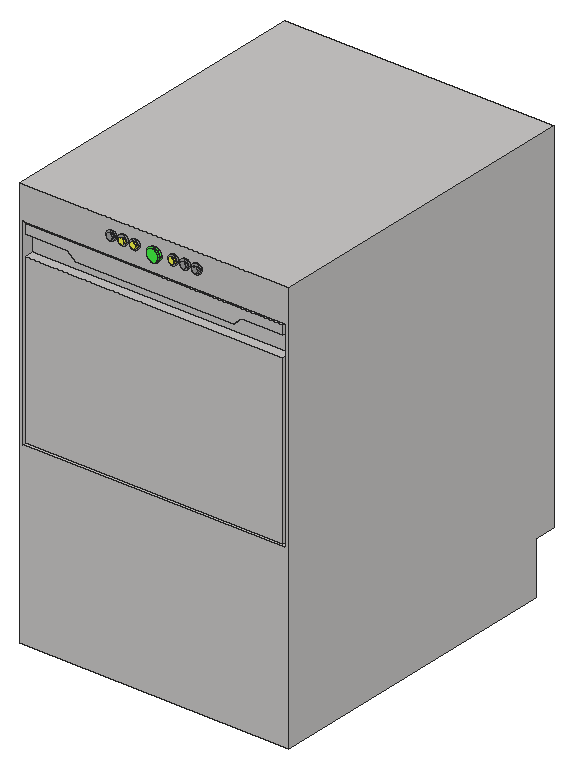
Revit family "QF_ELECTROLUXPROFESSIONAL_402226_ESDICWGBU", category Specialty Equipment, Revit 2018
Family settings
  Round Connector Dimension = Use Diameter
  Part Type = Normal
  Work Plane-Based = No
  Always vertical = Yes
  Cut with Voids When Loaded = No
  Shared = No
  Room Calculation Point = No
Parameters
  Weight = 37.00 kg
  Watts = 0 W
  Volts = 0 V
  URL Manufacturer = ""
  URL = "http://professional.electrolux.com/"
  Steam Supply Size = 0 mm
  Steam Supply Minimum Pressure = 0.0 Pa
  Steam Supply Maximum Pressure = 0.0 Pa
  Steam Pounds per Hour = 0
  Show Logo [instance] = yes
  Show Clearance [instance] = yes
  Refrigeration Suction Line Size = 0 mm
  Refrigeration Liquid Line Size = 0 mm
  Refrigerant Compressor Remote = yes
  Manufacturer = ""
  Phase = 0
  Model = ""
  Length Actual = 460 mm  # constant formula
  Item Number = ""
  Hot Water Size = 0 mm
  Height Actual = 715 mm  # constant formula
  HP = "3.1 HP"
  Gas Size = 0 mm
  Gas KW = 0
  Gas Input Pressure = 0 W
  Direct Waste Size = 27 mm
  Description = ""
  Depth Actual = 565 mm  # constant formula
  Cycle = 0 Hz
  Condensate Return Size = 0 mm
  Compressed Air Volume = 0.0 L/s
  Compressed Air Size = 0 mm
  Compressed Air Pressure = 0.0 Pa
  Cold Water Size = 0 mm
  Accessory = yes
Types (2, lengths in mm): name | Volts | URL Manufacturer | URL | Manufacturer | Phase | Model | Item Number | Description | Cycle | Cold Water Size
  (no name) | 0 V | "" | "http://professional.electrolux.com/" | "" | 0 | "" | "" | "" | 0 Hz | 0
  Standard | 220 V | "http://professional.electrolux.com" | "http://professional.electrolux.com" | "Electrolux Professional" | 1 | "ESDICWGBU" | "402226" | "GLASSWASHER(S) INS. DOUBLE SKIN, COLD RINSE, WS, DP, DD, RBP, 30B/H-UK" | 50 Hz | 19.05
Reference planes
  plane 1 "Center (Front/Back)": y = 0
  plane 2: z = 0
  plane 3 "Center (Left/Right)": x = 0
  plane 4 "LEFT": x = -230
  plane 5 "RIGHT": x = 230
  plane 6 "FRONT": y = -282.5
  plane 7 "BACK": y = 282.5
  plane 8: x = -202.5
  plane 9: x = 202.5
  plane 10: z = 715
  plane 11: z = 10
Forms (mm)
  Extrusion 1, solid, material "QF_Finishes_Stainless Steel"
    sketch origin (0, 0, 0) x (1, 0, 0) y (0, 1, 0)
      loop
        line (-230, -282.5) -> (230, -282.5) -> (230, 243.5) -> (-230, 243.5) -> (-230, -282.5)
    from 10 to 715
  Extrusion 2, solid, material "QF_Finishes_Stainless Steel"
    sketch origin (0, 0, 0) x (1, 0, 0) y (0, 1, 0)
      loop
        line (-230, 243.5) -> (230, 243.5) -> (230, 282.5) -> (-230, 282.5) -> (-230, 243.5)
    from 100 to 715
  Extrusion 3, solid, material "QF_Finishes_Stainless Steel"
    sketch origin (0, 0, 0) x (1, 0, 0) y (0, 1, 0)
      loop
        circle (-202.5, 184.5) r 12.5
      loop
        circle (202.5, 184.5) r 12.5
      loop
        circle (-202.5, -235.5) r 12.5
      loop
        circle (202.5, -235.5) r 12.5
    from 0 to 10
  Extrusion 4, void
    sketch origin (-230, -282.5, 0) x (-1, 0, 0) y (0, 0, 1)
      loop
        line (-5, 658.217) -> (-455, 658.217) -> (-455, 315) -> (-5, 315) -> (-5, 658.217)
    from 0 to 30
  Extrusion 5, solid, material "QF_Finishes_Stainless Steel"
    sketch origin (-53, -392, 738) x (0, 0, -1) y (1, 0, 0)
      loop
        circle (693, 213) r 10
    from -635.5 to -674.5
  Extrusion 6, solid, material "QF_Door-Drawer Clearances", visible <- "Show Clearance", detail levels coarse
    sketch origin (-230, -282.5, 0) x (0, 1, 0) y (0, 0, -1)
      loop
        line (0, -315) -> (-315, -315)
        arc (-315, -315) -> (-223.2, -545.869) -> (0, -655) r 344.605
        line (0, -655) -> (0, -315)
    from -10 to -450
  Extrusion 7, solid, material "QF_Finishes_Stainless Steel"
    sketch origin (-242.481, -392, 738) x (0, 0, -1) y (1, 0, 0)
      loop
        circle (663, 322.481) r 8
    from -635.5 to -674.5
  Extrusion 8, solid, material "QF_Finishes_Green"
    sketch origin (234, -282.5, -28.75) x (-1, 0, 0) y (0, 0, -1)
      loop
        circle (234, -714.569) r 10
    from 0 to 5
  Extrusion 9, solid, material "QF_Finishes_Gray"
    sketch origin (234, -282.5, -24.375) x (-1, 0, 0) y (0, 0, -1)
      loop
        circle (306.936, -713.972) r 5
    from 0 to 5
  Extrusion 10, solid, material "QF_Finishes_Stainless Steel"
    sketch origin (-230, -282.5, 0) x (0, 1, 0) y (0, 0, -1)
      loop
        line (0, -319.622) -> (0, -605) -> (15, -605) -> (15, -655) -> (25, -655) -> (25, -319.622) -> (0, -319.622)
    from -10 to -450
  Extrusion 11, solid, material "QF_Finishes_Stainless Steel"
    sketch origin (-230, -282.5, 0) x (0, 1, 0) y (0, 0, -1)
      loop
        line (15, -655) -> (15, -652.514) -> (2.5, -652.514) -> (2.5, -626.25) -> (0, -626.25) -> (0, -655) -> (15, -655)
    from -10 to -450
  Extrusion 12, void
    sketch origin (-230, -282.5, 655) x (0, 0, 1) y (1, 0, 0)
      loop
        line (-15.552, 10) -> (-15.552, 81.607) -> (-28.75, 94.804) -> (-28.75, 10) -> (-15.552, 10)
      loop
        line (-15.552, 450) -> (-28.75, 450) -> (-28.75, 365.196) -> (-15.552, 378.393) -> (-15.552, 450)
    from 0 to 2.5
  Extrusion 13, solid, material "QF_Finishes_Stainless Steel"
    sketch origin (-328, -392, 738) x (0, 0, -1) y (1, 0, 0)
      loop
        circle (663, 228) r 8
    from -635.5 to -674.5
  Extrusion 14, solid, material "QF_Finishes_Green"
    sketch origin (-230, -282.5, 0) x (1, 0, 0) y (0, 0, 1)
      loop
        circle (230, 685.819) r 12
      loop
        circle (230, 685.819) r 10
    from 0 to 2.5
  Extrusion 15, solid, material "QF_Finishes_Gray"
    sketch origin (-210, -282.5, -28.75) x (1, 0, 0) y (0, 0, 1)
      loop
        circle (262.936, 718.347) r 8
      loop
        circle (262.936, 718.347) r 5
      loop
        circle (242.936, 718.347) r 8
      loop
        circle (242.936, 718.347) r 5
      loop
        circle (282.936, 718.347) r 8
      loop
        circle (282.936, 718.347) r 5
    from 0 to 2.5
  Extrusion 16, solid, material "QF_Finishes_Gray"
    sketch origin (-234, -282.5, -24.375) x (1, 0, 0) y (0, 0, 1)
      loop
        circle (286.936, 713.972) r 5
      loop
        circle (306.936, 713.972) r 5
    from 0 to 5
  Extrusion 17, solid, material "QF_Finishes_Gray"
    sketch origin (210, -282.5, -28.75) x (-1, 0, 0) y (0, 0, -1)
      loop
        circle (262.936, -718.347) r 8
      loop
        circle (262.936, -718.347) r 5
      loop
        circle (242.936, -718.347) r 8
      loop
        circle (242.936, -718.347) r 5
      loop
        circle (282.936, -718.347) r 8
      loop
        circle (282.936, -718.347) r 5
    from 0 to 2.5
  Extrusion 18, solid, material "QF_Finishes_Yellow"
    sketch origin (254, -282.5, -24.375) x (-1, 0, 0) y (0, 0, -1)
      loop
        circle (306.936, -713.972) r 5
    from 0 to 5
  Extrusion 19, solid, material "QF_Finishes_Yellow"
    sketch origin (274, -282.5, -24.375) x (-1, 0, 0) y (0, 0, -1)
      loop
        circle (306.936, -713.972) r 5
    from 0 to 5
  Extrusion 20, solid, material "QF_Finishes_Yellow"
    sketch origin (339.871, -282.5, -24.375) x (-1, 0, 0) y (0, 0, -1)
      loop
        circle (306.936, -713.972) r 5
    from 0 to 5
Cuts and joins
  Extrusion 4 cuts Extrusion 1
  joined: Extrusion 1, Extrusion 2
  Extrusion 12 cuts Extrusion 10
  Extrusion 12 cuts Extrusion 11
Lines and regions (mm)
  Split face 1
    outline origin (-230, -282.5, 715) x (0, 0, -1) y (1, 0, 0)
      loop
        line (35, 0) -> (35, 60) -> (49.142, 74.142) -> (49.142, 214.142) -> (11.456, 214.142)
        arc (11.456, 214.142) -> (9.82, 214.82) -> (9.142, 216.456) r 2.314
        line (9.142, 216.456) -> (9.142, 230) -> (9.142, 243.544)
        arc (9.142, 243.544) -> (9.82, 245.18) -> (11.456, 245.858) r 2.314
        line (11.456, 245.858) -> (49.142, 245.858) -> (49.142, 385.858) -> (35, 400) -> (35, 460)
      loop
        line (56.783, 5) -> (56.783, 0)
      loop
        line (56.783, 455) -> (56.783, 460)
  symbolic lines
    curve 1: line (-230, 282.5, 0) -> (230, 282.5, 0)
    curve 2: line (-230, -282.5, 0) -> (-230, 282.5, 0)
    curve 3: line (230, -282.5, 0) -> (-230, -282.5, 0)
    curve 4: line (230, 282.5, 0) -> (230, -282.5, 0)
    curve 9: line (-80.94, -285, 0) -> (-80.94, -282.5, 0)
    curve 10: line (-64.948, -285, 0) -> (-64.948, -282.5, 0)
    curve 11: line (-77.926, -287.5, 0) -> (-67.936, -287.5, 0)
    curve 12: line (-67.936, -287.5, 0) -> (-67.936, -285, 0)
    curve 13: line (-77.926, -287.5, 0) -> (-77.926, -285, 0)
    curve 14: line (-60.936, -285, 0) -> (-44.936, -285, 0)
    curve 15: line (-44.936, -285, 0) -> (-44.936, -282.5, 0)
    curve 16: line (-60.936, -285, 0) -> (-60.936, -282.5, 0)
    curve 17: line (-57.936, -287.5, 0) -> (-47.936, -287.5, 0)
    curve 18: line (-47.936, -287.5, 0) -> (-47.936, -285, 0)
    curve 19: line (-57.936, -287.5, 0) -> (-57.936, -285, 0)
    curve 20: line (-40.936, -285, 0) -> (-24.936, -285, 0)
    curve 21: line (-24.936, -285, 0) -> (-24.936, -282.5, 0)
    curve 22: line (-40.936, -285, 0) -> (-40.936, -282.5, 0)
    curve 23: line (-37.936, -287.5, 0) -> (-27.936, -287.5, 0)
    curve 24: line (-27.936, -287.5, 0) -> (-27.936, -285, 0)
    curve 25: line (-37.936, -287.5, 0) -> (-37.936, -285, 0)
    curve 26: line (24.936, -285, 0) -> (40.936, -285, 0)
    curve 27: line (40.936, -285, 0) -> (40.936, -282.5, 0)
    curve 28: line (27.936, -287.5, 0) -> (37.936, -287.5, 0)
    curve 29: line (37.936, -287.5, 0) -> (37.936, -285, 0)
    curve 30: line (27.936, -287.5, 0) -> (27.936, -285, 0)
    curve 31: line (24.936, -285, 0) -> (24.936, -282.5, 0)
    curve 32: line (-12, -285, 0) -> (12, -285, 0)
    curve 33: line (12, -285, 0) -> (12, -282.5, 0)
    curve 34: line (-12, -285, 0) -> (-12, -282.5, 0)
    curve 35: line (-10, -287.5, 0) -> (10, -287.5, 0)
    curve 36: line (10, -287.5, 0) -> (10, -285, 0)
    curve 37: line (-10, -287.5, 0) -> (-10, -285, 0)
    curve 39: line (44.936, -285, 0) -> (60.936, -285, 0)
    curve 40: line (60.936, -285, 0) -> (60.936, -282.5, 0)
    curve 41: line (47.936, -287.5, 0) -> (57.936, -287.5, 0)
    curve 42: line (57.936, -287.5, 0) -> (57.936, -285, 0)
    curve 43: line (47.936, -287.5, 0) -> (47.936, -285, 0)
    curve 44: line (44.936, -285, 0) -> (44.936, -282.5, 0)
    curve 45: line (64.936, -285, 0) -> (80.936, -285, 0)
    curve 46: line (80.936, -285, 0) -> (80.936, -282.5, 0)
    curve 47: line (67.936, -287.5, 0) -> (77.936, -287.5, 0)
    curve 48: line (77.936, -287.5, 0) -> (77.936, -285, 0)
    curve 49: line (67.936, -287.5, 0) -> (67.936, -285, 0)
    curve 50: line (64.936, -285, 0) -> (64.936, -282.5, 0)
  symbolic lines, style "QF_Door-Drawer Clearances"
    curve 5: line (-220, -597.5, 0) -> (220, -597.5, 0)
    curve 6: line (220, -597.5, 0) -> (220, -282.5, 0)
    curve 7: line (-220, -597.5, 0) -> (-220, -282.5, 0)
  symbolic lines, style "SpecialityEquipment"
    curve 8: line (-80.94, -285, 0) -> (-64.948, -285, 0)
  symbolic lines, style "SpecialityEquipmentHiddenLines"
    curve 38: line (-230, 243.5, 0) -> (230, 243.5, 0)
Dimensions and locks
  equal spacing: plane 4 "LEFT", plane 3 "Center (Left/Right)", plane 5 "RIGHT"
  equal spacing: plane 7 "BACK", plane 1 "Center (Front/Back)", plane 6 "FRONT"
  plane 7 "BACK" to plane 6 "FRONT" = 565 mm
  plane 4 "LEFT" to plane 5 "RIGHT" = 460 mm
  plane 4 "LEFT" to plane 8 = 27.5 mm
  plane 9 to plane 5 "RIGHT" = 27.5 mm
  locked: plane 11 to level at 10
  plane 4 "LEFT" to plane 3 "Center (Left/Right)" = 230 mm
  plane 10 to level = 715 mm  (x2)
  plane 8 to plane 9 = 405 mm
  level to Extrusion 13 sketch curve = 75 mm
  Extrusion 13 sketch curve to plane 4 "LEFT" = 130 mm
  level to Extrusion 5 sketch curve = 45 mm
  Extrusion 5 sketch curve to plane 4 "LEFT" = 390 mm
  Extrusion 7 sketch curve to plane 4 "LEFT" = 310 mm
  level to Extrusion 7 sketch curve = 75 mm
  locked: Extrusion 3 to cut or joined group of Extrusion 1, Extrusion 2, Extrusion 4 at 98
  Extrusion 3 to Extrusion 3 = 420 mm
  locked: plane 6 "FRONT" to Extrusion 3 at 47
  plane 9 to plane 8 = 405 mm
  plane 7 "BACK" to curve 5 = 880 mm
  cut or joined group of Extrusion 10, Extrusion 12 to cut or joined group of Extrusion 1, Extrusion 2, Extrusion 4 = 290 mm
  aligned and locked: level to plane 2
  aligned and locked: Extrusion 1 sketch curve to plane 6 "FRONT"
  aligned and locked: Extrusion 1 sketch curve to plane 4 "LEFT"
  aligned and locked: plane 5 "RIGHT" to Extrusion 1 sketch curve
  aligned and locked: Extrusion 1 to plane 11
  aligned and locked: Extrusion 2 sketch curve to Extrusion 1  (x2)
  aligned and locked: plane 7 "BACK" to Extrusion 2 sketch curve
  aligned and locked: plane 5 "RIGHT" to Extrusion 2 sketch curve
  aligned and locked: plane 11 to Extrusion 3
  aligned and locked: Extrusion 2 to Extrusion 5
  aligned and locked: Extrusion 2 to Extrusion 7
  aligned and locked: plane 7 "BACK" to Extrusion 7
  aligned and locked: plane 7 "BACK" to Extrusion 5
  aligned and locked: cut or joined group of Extrusion 11, Extrusion 12 to Extrusion 12
  aligned and locked: plane 10 to Extrusion 2
Automatic sketch dimensions
  curve 1 to plane 4 "LEFT" = 0 mm
  curve 7 to plane 6 "FRONT" = 0 mm
  curve 4 to plane 5 "RIGHT" = 0 mm
  curve 2 to plane 7 "BACK" = 0 mm
  plane 4 "LEFT" to curve 5 = 10 mm
  curve 8 to plane 6 "FRONT" = 2.5 mm
  curve 8 to plane 3 "Center (Left/Right)" = 80.94 mm
  curve 8 to curve 11 = 3.013 mm
  curve 11 to curve 11 = 9.991 mm
  curve 12 to curve 10 = 2.987 mm
  curve 8 to curve 16 = 4.013 mm
  curve 14 to curve 19 = 3 mm
  curve 17 to plane 6 "FRONT" = 5 mm
  curve 17 to curve 17 = 10 mm
  curve 18 to curve 14 = 3 mm
  curve 14 to curve 20 = 4 mm
  curve 20 to curve 25 = 3 mm
  curve 24 to plane 6 "FRONT" = 5 mm
  curve 23 to curve 24 = 10 mm
  curve 24 to curve 21 = 3 mm
  curve 34 to plane 6 "FRONT" = 2.5 mm
  curve 34 to plane 3 "Center (Left/Right)" = 12 mm
  curve 32 to curve 37 = 2 mm
  plane 3 "Center (Left/Right)" to curve 36 = 10 mm
  curve 36 to curve 33 = 2 mm
  curve 26 to plane 6 "FRONT" = 2.5 mm
  curve 32 to curve 26 = 12.936 mm
  curve 26 to curve 30 = 3 mm
  curve 28 to plane 6 "FRONT" = 5 mm
  curve 28 to curve 28 = 10 mm
  curve 29 to curve 27 = 3 mm
  curve 26 to curve 44 = 4 mm
  curve 39 to curve 43 = 3 mm
  curve 41 to plane 6 "FRONT" = 5 mm
  curve 41 to curve 41 = 10 mm
  curve 42 to curve 39 = 3 mm
  curve 39 to curve 50 = 4 mm
  curve 45 to curve 47 = 3 mm
  curve 47 to plane 6 "FRONT" = 5 mm
  curve 47 to curve 47 = 10 mm
  curve 48 to curve 45 = 3 mm
  curve 6 to plane 5 "RIGHT" = 10 mm
  curve 35 to curve 36 = 2.5 mm
  curve 11 to curve 13 = 2.5 mm
  curve 15 to plane 6 "FRONT" = 2.5 mm
  curve 20 to plane 6 "FRONT" = 2.5 mm
  curve 40 to plane 6 "FRONT" = 2.5 mm
  curve 45 to plane 6 "FRONT" = 2.5 mm
  curve 38 to plane 7 "BACK" = 39 mm
  Extrusion 1 sketch curve to plane 7 "BACK" = 39 mm
  Extrusion 3 sketch curve to plane 8 = 0 mm  (x2)
  Extrusion 3 sketch curve to plane 9 = 0 mm  (x2)
  plane 6 "FRONT" to Extrusion 3 sketch curve = 47 mm  (x2)
  Extrusion 3 sketch curve to plane 7 "BACK" = 98 mm  (x2)
  Extrusion 4 sketch curve to Extrusion 1 = 5 mm  (x2)
  Extrusion 4 sketch curve to Extrusion 1 = 305 mm
  Extrusion 4 sketch curve to Extrusion 1 = 56.783 mm
  Extrusion 6 sketch curve to plane 6 "FRONT" = 0 mm
  Extrusion 6 sketch curve to plane 6 "FRONT" = 315 mm
  plane 6 "FRONT" to Extrusion 6 sketch curve = 29.589 mm
  Extrusion 6 sketch curve to plane 10 = 60 mm
  plane 11 to Extrusion 6 sketch curve = 305 mm
  Extrusion 8 sketch curve to Extrusion 8 sketch curve = 0 mm  (x2)
  Extrusion 8 sketch curve to plane 3 "Center (Left/Right)" = 0 mm
  Extrusion 8 sketch curve to plane 10 = 29.181 mm
  plane 3 "Center (Left/Right)" to Extrusion 8 sketch curve = 10 mm
  Extrusion 9 sketch curve to Extrusion 9 sketch curve = 0 mm  (x2)
  Extrusion 9 sketch curve to plane 10 = 25.403 mm
  Extrusion 9 sketch curve to plane 3 "Center (Left/Right)" = 72.936 mm
  Extrusion 9 sketch curve to Extrusion 9 sketch curve = 5 mm
  Extrusion 10 sketch curve to plane 6 "FRONT" = 0 mm
  plane 6 "FRONT" to Extrusion 10 sketch curve = 15 mm
  Extrusion 10 sketch curve to Extrusion 10 sketch curve = 25 mm
  Extrusion 10 sketch curve to plane 10 = 60 mm
  Extrusion 10 sketch curve to Extrusion 10 sketch curve = 50 mm
  Extrusion 10 sketch curve to Extrusion 10 sketch curve = 285.378 mm
  Extrusion 11 sketch curve to plane 6 "FRONT" = 0 mm
  Extrusion 11 sketch curve to Extrusion 11 sketch curve = 2.5 mm
  Extrusion 11 sketch curve to Extrusion 11 sketch curve = 12.5 mm
  Extrusion 11 sketch curve to plane 10 = 60 mm
  Extrusion 11 sketch curve to Extrusion 11 sketch curve = 2.486 mm
  Extrusion 11 sketch curve to Extrusion 11 sketch curve = 26.264 mm
  Extrusion 12 sketch curve to Extrusion 11 = 0 mm  (x3)
  Extrusion 11 to Extrusion 12 sketch curve = 0 mm
  Extrusion 12 sketch curve to Extrusion 11 = 13.198 mm  (x2)
  Extrusion 12 sketch curve to Extrusion 11 = 71.607 mm
  Extrusion 12 sketch curve to Extrusion 12 sketch curve = 13.198 mm  (x2)
  Extrusion 12 sketch curve to Extrusion 11 = 84.804 mm
  Extrusion 14 sketch curve to Extrusion 14 sketch curve = 0 mm  (x2)
  Extrusion 1 to Extrusion 14 sketch curve = 29.181 mm
  Extrusion 1 to Extrusion 14 sketch curve = 230 mm
  Extrusion 15 sketch curve to Extrusion 15 sketch curve = 0 mm  (x8)
  plane 3 "Center (Left/Right)" to Extrusion 15 sketch curve = 32.936 mm
  Extrusion 15 sketch curve to Extrusion 15 sketch curve = 20 mm  (x2)
  Extrusion 15 sketch curve to plane 10 = 25.403 mm
  Extrusion 16 sketch curve to Extrusion 16 sketch curve = 0 mm  (x5)
  Extrusion 16 sketch curve to plane 10 = 25.403 mm
  plane 3 "Center (Left/Right)" to Extrusion 16 sketch curve = 52.936 mm
  Extrusion 16 sketch curve to Extrusion 16 sketch curve = 20 mm
  Extrusion 16 sketch curve to Extrusion 16 sketch curve = 5 mm  (x2)
  Split face 1 sketch curve to cut or joined group of Extrusion 1, Extrusion 2, Extrusion 4 = 0 mm  (x6)
  cut or joined group of Extrusion 1, Extrusion 2, Extrusion 4 to Split face 1 sketch curve = 0 mm  (x2)
  cut or joined group of Extrusion 1, Extrusion 2, Extrusion 4 to Split face 1 sketch curve = 7.641 mm  (x2)
  Split face 1 sketch curve to Split face 1 sketch curve = 14.142 mm  (x4)
  Split face 1 sketch curve to cut or joined group of Extrusion 1, Extrusion 2, Extrusion 4 = 11.456 mm  (x2)
  Split face 1 sketch curve to cut or joined group of Extrusion 1, Extrusion 2, Extrusion 4 = 9.142 mm
  Split face 1 sketch curve to cut or joined group of Extrusion 1, Extrusion 2, Extrusion 4 = 55 mm
  Split face 1 sketch curve to Split face 1 sketch curve = 140 mm
  Split face 1 sketch curve to Split face 1 sketch curve = 13.544 mm  (x2)
  Split face 1 sketch curve to cut or joined group of Extrusion 1, Extrusion 2, Extrusion 4 = 69.142 mm
  Extrusion 17 sketch curve to Extrusion 17 sketch curve = 0 mm  (x8)
  Extrusion 17 sketch curve to plane 3 "Center (Left/Right)" = 32.936 mm
  Extrusion 17 sketch curve to Extrusion 17 sketch curve = 20 mm  (x2)
  Extrusion 17 sketch curve to plane 10 = 25.403 mm
  Extrusion 18 sketch curve to Extrusion 18 sketch curve = 0 mm  (x2)
  Extrusion 18 sketch curve to plane 10 = 25.403 mm
  Extrusion 18 sketch curve to plane 3 "Center (Left/Right)" = 52.936 mm
  Extrusion 18 sketch curve to Extrusion 18 sketch curve = 5 mm
  Extrusion 19 sketch curve to Extrusion 19 sketch curve = 0 mm  (x2)
  Extrusion 19 sketch curve to plane 3 "Center (Left/Right)" = 32.936 mm
  Extrusion 19 sketch curve to plane 10 = 25.403 mm
  Extrusion 19 sketch curve to Extrusion 19 sketch curve = 5 mm
  Extrusion 20 sketch curve to Extrusion 20 sketch curve = 0 mm  (x2)
  plane 3 "Center (Left/Right)" to Extrusion 20 sketch curve = 32.936 mm
  Extrusion 20 sketch curve to plane 10 = 25.403 mm
  Extrusion 20 sketch curve to Extrusion 20 sketch curve = 5 mm
  radius of Extrusion 5 sketch curve = 10 mm
  radius of Extrusion 7 sketch curve = 8 mm
  radius of Extrusion 13 sketch curve = 8 mm
  radius of Extrusion 3 sketch curve = 12.5 mm  (x4)
  radius of Extrusion 14 sketch curve = 12 mm
  radius of Extrusion 14 sketch curve = 10 mm
  radius of Extrusion 15 sketch curve = 8 mm  (x3)
  radius of Extrusion 15 sketch curve = 5 mm  (x3)
  radius of Extrusion 17 sketch curve = 8 mm  (x3)
  radius of Extrusion 17 sketch curve = 5 mm  (x3)
Connectors
  piping at (160, 282.5, 45), diameter 20
    settings: on Extrusion 5, index 1, connector inside diameter 609.6 mm, connector length 0 mm, flow factor 0, pipe flow 0.0 L/s, pressure drop 0.0 Pa, fitting loss kfactor 0, connector angle 0.00°, fixture units 0, engagement length 0 mm, angle of deflection 0.00°, flow configuration 1, flow direction 1, fitting loss method 0, system type 16, joint type 0, gender type 0, connector reference index -1, connector utility 0, adjustable connector no, is connector primary yes, connector description "Drain"
  piping at (80, 282.5, 75), driven by "Cold Water Size"
    settings: on Extrusion 7, index 3, connector diameter 0 mm, connector inside diameter 609.6 mm, connector length 0 mm, flow factor 0, pipe flow 0.0 L/s, pressure drop 0.0 Pa, fitting loss kfactor 0, connector angle 0.00°, fixture units 0, engagement length 0 mm, angle of deflection 0.00°, flow configuration 1, flow direction 1, fitting loss method 0, system type 20, joint type 0, gender type 0, connector reference index -1, connector utility 0, adjustable connector no, is connector primary no, connector description "Cold Water Inlet"
  electrical at (-100, 282.5, 75), driven by "Volts"
    settings: on Extrusion 13, index 4, voltage 0 V, apparent load 0 VA, apparent load phase1 0 VA, apparent load phase2 0 VA, apparent load phase3 0 VA, power factor 1, load classification "Altro", number of poles 1, system type 31, power factor state 1, is connector primary yes, connector utility no, sub classification motor no, connector description "Electrical Connection"
